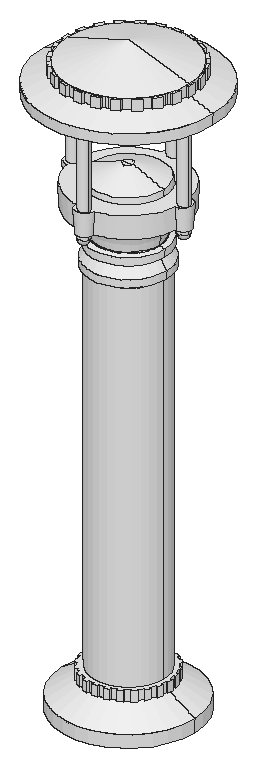
Revit family "BNB4", category Lighting Fixtures, Revit 2013
Parameters
  Wattage Comments = "21,31 & 41 Watts"  # constant formula
  Wattage = 12.1178 W
  built-in parameter 1150110 = 1 (stored number, unit not read)
  Voltage = 208 V
  URL = "http://www.kimlighting.com/"
  Type Comments = "Lighting Fixture"  # constant formula
  built-in parameter 1114217 = 1 (stored number, unit not read)
  Tilt Angle = 90.00°
  built-in parameter 1150109 = 1 (stored number, unit not read)
  built-in parameter 1150134 = (empty or 0)
  built-in parameter 1150113 = 1 (stored number, unit not read)
  Series = "Bounce Bollard Luminaire"  # constant formula
  Revision Date = "10/17/2017"  # constant formula
  Product Page URL = "http://www.kimlighting.com/products/bounce_bollard"
  Product Documentation Link = "http://www.kimlighting.com/content/products/psg/psg_files/kim_bnb_leled_psg.pdf"
  Power Factor = 1
  Photometric Web Link = "http://www.kimlighting.com/products/bounce_bollard"
  Photometric Web File = "bnb-18l3k.ies"
  Photometric Notes = "More IES files download on Photometric Web Link"  # constant formula
  Number of Poles = 1
  Note Visible = yes
  Note Text = "LF"  # constant formula
  Model = "Bounce Bollard"  # constant formula
  MasterFormat Title = "Landscape Lighting, Site Lighting, Walkway Lighting"  # constant formula
  Manufacturer Phone = "626-968-5666"  # constant formula
  Manufacturer Fax = "626-369-2695"  # constant formula
  Manufacturer = "Kim Lighting"  # constant formula
  Lumens = 1800 lm
  built-in parameter 1150115 = 1 (stored number, unit not read)
  built-in parameter 1150105 = -856800 (stored number, unit not read)
  Load Classification = Lighting
  Lighting Source Height = 38"
  built-in parameter 1150137 = (empty or 0)
  built-in parameter 1150139 = (empty or 0)
  built-in parameter 1150112 = 1 (stored number, unit not read)
  built-in parameter 1150114 = 1 (stored number, unit not read)
  Lamp = "LED"  # constant formula
  Initial Lumens = 0 lm
  built-in parameter 1150132 = 2
  built-in parameter 1150102 = (empty or 0)
  built-in parameter 1150138 = (empty or 0)
  built-in parameter 1150107 = 3000 (stored number, unit not read)
  built-in parameter 1150106 = -8568 (stored number, unit not read)
  Housing Material = Metal-Kim Lighting-Aluminum Alloy
  Glass Material = Glass-Kim Lighting-Clear
  Full Load Current = 0 A
  Finish = "All colors shall be a Super TGIC thermoset polyester powder coat paint"
  Emit from Circle Diameter = 6"  # constant formula
  Emit Shape Visible in Rendering = no
  built-in parameter 1150104 = 13.8 (stored number, unit not read)
  Dimming Lamp Color Temperature Shift = <None>
  Description = "Low Level Luminaire"  # constant formula
  Color Filter = 16777215
  Body Material = Metal-Kim Lighting-Aluminum Alloy
  built-in parameter 1114218 = 1 (stored number, unit not read)
  built-in parameter 1150133 = 10 (stored number, unit not read)
  Assembly Code = "D5020200"
  Apparent Load = 0 VA
Reference planes (in)
  plane 1 "Light Source Axis (F/B)": y = 0
  plane 2 "Bottom": z = 0
  plane 3 "Light Source Axis (L/R)": x = 0
  plane 4 "Light Source Elevation": z = 38
  plane 5: z = 0.875
  plane 6: z = 2
  plane 7: z = 2.6875
  plane 8: z = 28
  plane 9: z = 28.125
  plane 10: x = -4.6875
  plane 11: x = -2.5
  plane 12: x = -2.875
  plane 13: z = 28.625
  plane 14: z = 29.3125
  plane 15: z = 29.375
  plane 16: z = 29.4375
  plane 17: z = 29.9375
  plane 18: z = 30.0625
  plane 19: z = 30.09871
  plane 20: z = 31.5
  plane 21: z = 33.6875
  plane 22: x = -2.74538
  plane 23: x = -2.60446
  plane 24: x = -2.25
  plane 25: x = -2.52887
  plane 26: z = 31.8125
  plane 27: z = 33.3125
  plane 28: x = 3.9375
  plane 29: x = -3.9375
  plane 30: z = 39
  plane 31: z = 38.875
  plane 32: z = 39.6875
  plane 33: z = 40.3125
  plane 34 "Top": z = 41
  plane 35 "Left": x = -6
  plane 36 "Right": x = 6
  plane 37: x = -4.3125
  plane 38: x = 4.3125
  plane 39: x = 0
  plane 40: x = 0
  plane 41: x = 0
  plane 42: y = 0
  plane 43: z = 38
Forms (in)
  Revolve 1, solid, material "Metal-Kim Lighting-Aluminum Alloy" <- "Housing Material", detail levels medium+fine
    sketch origin (0, 0, 0) x (1, 0, 0) y (0, 0, 1)
      loop
        line (0, 2) -> (-2.875, 2) -> (-4.6875, 0.875) -> (-4.6875, 0) -> (0, 0) -> (0, 2)
      axis (0, 2) -> (0, 0)
    angle from 0 to 360
  Revolve 2, solid, material "Metal-Kim Lighting-Aluminum Alloy" <- "Housing Material"
    sketch origin (0, 0, 0) x (1, 0, 0) y (0, 0, 1)
      loop
        line (0, 2) -> (0, 28) -> (-2.5, 28) -> (-2.5, 2) -> (0, 2)
      axis (0, 28) -> (0, 2)
    angle from 0 to 360
  Revolve 3, solid, material "Metal-Kim Lighting-Aluminum Alloy" <- "Housing Material", detail levels medium+fine
    sketch origin (0, 0, 0) x (1, 0, 0) y (0, 0, 1)
      loop
        line (0, 28) -> (0, 34.5) -> (-0.36866, 34.5) -> (-2.5065, 33.6875) -> (-2.74538, 31.5)
        spline (-2.74538, 31.5) -> (-2.67334, 31.38174) -> (-2.60645, 31.26375) -> (-2.54473, 31.14603) -> (-2.48817, 31.02858) -> (-2.43677, 30.9114) -> (-2.39053, 30.79449) -> (-2.34945, 30.67785) -> (-2.31353, 30.56148) -> (-2.28277, 30.44538) -> (-2.25717, 30.32955) -> (-2.23673, 30.214) -> (-2.22145, 30.09871)
        arc (-2.22145, 30.09871) -> (-2.21962, 30.08064) -> (-2.22046, 30.0625) r 0.12279
        arc (-2.22046, 30.0625) -> (-2.23114, 30.04347) -> (-2.25, 30.03248) r 0.04153
        line (-2.25, 30.03248) -> (-2.60446, 29.9375) -> (-2.60446, 29.4375) -> (-2.25, 29.375) -> (-2.25, 29.3125) -> (-2.74538, 28.625) -> (-2.74538, 28.125) -> (-2.52887, 28) -> (0, 28)
      axis (0, 34.5) -> (0, 28)
    angle from 0 to 360
  Blend 4, solid, material "Metal-Kim Lighting-Aluminum Alloy" <- "Housing Material", detail levels medium+fine
    base sketch origin (-6.79446, -180, 31.8125) x (-1, 0, 0) y (0, -1, 0)
      loop
        arc (-3.00111, -179.44346) -> (-4.08344, -177.28898) -> (-6.23792, -176.20665) r 3.83396
        arc (-6.23792, -176.20665) -> (-6.79446, -175.5625) -> (-7.351, -176.20665) r 0.5625
        arc (-7.351, -176.20665) -> (-9.50548, -177.28898) -> (-10.58781, -179.44346) r 3.83396
        arc (-10.58781, -179.44346) -> (-11.23196, -180) -> (-10.58781, -180.55654) r 0.5625
        arc (-10.58781, -180.55654) -> (-9.50548, -182.71102) -> (-7.351, -183.79335) r 3.83396
        arc (-7.351, -183.79335) -> (-6.79446, -184.4375) -> (-6.23792, -183.79335) r 0.5625
        arc (-6.23792, -183.79335) -> (-4.08344, -182.71102) -> (-3.00111, -180.55654) r 3.83396
        arc (-3.00111, -180.55654) -> (-2.35696, -180) -> (-3.00111, -179.44346) r 0.5625
    top sketch origin (-6.79446, -180, 31.8125) x (-1, 0, 0) y (0, -1, 0)
      loop
        arc (-2.96503, -179.34548) -> (-4.04682, -177.25348) -> (-6.13837, -176.17084) r 3.88496
        arc (-6.13837, -176.17084) -> (-6.79446, -175.5) -> (-7.45055, -176.17084) r 0.65625
        arc (-7.45055, -176.17084) -> (-9.5421, -177.25348) -> (-10.62389, -179.34548) r 3.88496
        arc (-10.62389, -179.34548) -> (-11.29446, -180.00184) -> (-10.62335, -180.65765) r 0.65625
        arc (-10.62335, -180.65765) -> (-9.54098, -182.74764) -> (-7.45055, -183.82916) r 3.88496
        arc (-7.45055, -183.82916) -> (-6.79446, -184.5) -> (-6.13837, -183.82916) r 0.65625
        arc (-6.13837, -183.82916) -> (-4.04794, -182.74764) -> (-2.96557, -180.65765) r 3.88496
        arc (-2.96557, -180.65765) -> (-2.29446, -180.00184) -> (-2.96503, -179.34548) r 0.65625
    from 0 to 1.5
  Revolve 5, solid, material "Metal-Kim Lighting-Aluminum Alloy" <- "Housing Material"
    sketch origin (0, 3.94456, 0) x (1, 0, 0) y (0, 0, 1)
      loop
        line (0, 38.875) -> (-0.51175, 38.875) -> (-0.51175, 38.25) -> (-0.375, 38.25) -> (-0.375, 31.5)
        spline (-0.375, 31.5) -> (-0.3724, 31.439) -> (-0.36458, 31.38341) -> (-0.35156, 31.33323) -> (-0.33333, 31.28846) -> (-0.3099, 31.2491) -> (-0.28125, 31.21514) -> (-0.2474, 31.1866) -> (-0.20833, 31.16346) -> (-0.16406, 31.14573) -> (-0.11458, 31.13341) -> (-0.0599, 31.1265) -> (0, 31.125)
        line (0, 31.125) -> (0, 38.875)
      axis (0, 31.125) -> (0, 38.875)
    angle from 0 to 360
  Extrusion 6, solid, material "Glass-Kim Lighting-Clear" <- "Glass Material", detail levels medium+fine
    sketch origin (-4.44925, -180, 38.875) x (0, -1, 0) y (-1, 0, 0)
      loop
        circle (-180, -4.44925) r 4.8125
    from 0 to -0.125
  Revolve 7, solid, material "Metal-Kim Lighting-Aluminum Alloy" <- "Housing Material", detail levels medium+fine
    sketch origin (0, 0, 12) x (1, 0, 0) y (0, 0, 1)
      loop
        line (-3.9375, 27) -> (-3.9375, 28.3125) -> (0, 28.3125) -> (0, 30.275) -> (-4.3125, 29) -> (-4.3125, 28.3125) -> (-6, 27.6875) -> (-6, 27) -> (-3.9375, 27)
      axis (0, 30.275) -> (0, 27)
    angle from 0 to 360
  Extrusion 8, solid, material "Metal-Kim Lighting-Aluminum Alloy" <- "Housing Material", detail levels fine
    sketch origin (0, 0, -2) x (1, 0, 0) y (0, 1, 0)
      loop
        line (-0.28912, 4.3028) -> (-0.83438, 4.23101) -> (-0.88554, 4.42196) -> (-1.44408, 4.2723) -> (-1.39292, 4.08135) -> (-1.90101, 3.87089) -> (-1.99986, 4.04209) -> (-2.50063, 3.75297) -> (-2.40178, 3.58177) -> (-2.8381, 3.24698) -> (-2.97788, 3.38676) -> (-3.38676, 2.97788) -> (-3.24698, 2.8381) -> (-3.58177, 2.40178) -> (-3.75297, 2.50063) -> (-4.04209, 1.99986) -> (-3.87089, 1.90101) -> (-4.08135, 1.39292) -> (-4.2723, 1.44408) -> (-4.42196, 0.88554) -> (-4.23101, 0.83438) -> (-4.3028, 0.28912) -> (-4.50048, 0.28912) -> (-4.50048, -0.28912) -> (-4.3028, -0.28912) -> (-4.23101, -0.83438) -> (-4.42196, -0.88554) -> (-4.2723, -1.44408) -> (-4.08135, -1.39292) -> (-3.87089, -1.90101) -> (-4.04209, -1.99986) -> (-3.75297, -2.50063) -> (-3.58177, -2.40178) -> (-3.24698, -2.8381) -> (-3.38676, -2.97788) -> (-2.97788, -3.38676) -> (-2.8381, -3.24698) -> (-2.40178, -3.58177) -> (-2.50063, -3.75297) -> (-1.99986, -4.04209) -> (-1.90101, -3.87089) -> (-1.39292, -4.08135) -> (-1.44408, -4.2723) -> (-0.88554, -4.42196) -> (-0.83438, -4.23101) -> (-0.28912, -4.3028) -> (-0.28912, -4.50048) -> (0.28912, -4.50048) -> (0.28912, -4.3028) -> (0.83438, -4.23101) -> (0.88554, -4.42196) -> (1.44408, -4.2723) -> (1.39292, -4.08135) -> (1.90101, -3.87089) -> (1.99986, -4.04209) -> (2.50063, -3.75297) -> (2.40178, -3.58177) -> (2.8381, -3.24698) -> (2.97788, -3.38676) -> (3.38676, -2.97788) -> (3.24698, -2.8381) -> (3.58177, -2.40178) -> (3.75297, -2.50063) -> (4.04209, -1.99986) -> (3.87089, -1.90101) -> (4.08135, -1.39292) -> (4.2723, -1.44408) -> (4.42196, -0.88554) -> (4.23585, -0.83567) -> (4.3028, -0.28912) -> (4.50048, -0.28912) -> (4.50048, 0.28912) -> (4.3028, 0.28912) -> (4.23101, 0.83438) -> (4.42196, 0.88554) -> (4.2723, 1.44408) -> (4.08135, 1.39292) -> (3.87089, 1.90101) -> (4.04209, 1.99986) -> (3.75297, 2.50063) -> (3.58177, 2.40178) -> (3.24698, 2.8381) -> (3.38676, 2.97788) -> (2.97788, 3.38676) -> (2.8381, 3.24698) -> (2.40178, 3.58177) -> (2.50063, 3.75297) -> (1.99986, 4.04209) -> (1.90101, 3.87089) -> (1.39292, 4.08135) -> (1.44408, 4.2723) -> (0.88554, 4.42196) -> (0.83438, 4.23101) -> (0.28912, 4.3028) -> (0.28912, 4.50048) -> (-0.28912, 4.50048) -> (-0.28912, 4.3028)
    from 42.3125 to 43
  Extrusion 9, solid, material "Metal-Kim Lighting-Aluminum Alloy" <- "Housing Material", detail levels fine
    sketch origin (0, 0, -30) x (1, 0, 0) y (0, 1, 0)
      loop
        line (-0.19079, 2.83943) -> (-0.55061, 2.79206) -> (-0.58437, 2.91807) -> (-0.95295, 2.81931) -> (-0.91919, 2.6933) -> (-1.25448, 2.55441) -> (-1.31971, 2.66739) -> (-1.65017, 2.4766) -> (-1.58495, 2.36362) -> (-1.87287, 2.14269) -> (-1.96511, 2.23494) -> (-2.23494, 1.96511) -> (-2.14269, 1.87287) -> (-2.36362, 1.58495) -> (-2.4766, 1.65017) -> (-2.66739, 1.31971) -> (-2.55441, 1.25448) -> (-2.6933, 0.91919) -> (-2.81931, 0.95295) -> (-2.91807, 0.58437) -> (-2.79206, 0.55061) -> (-2.83943, 0.19079) -> (-2.96988, 0.19079) -> (-2.96988, -0.19079) -> (-2.83943, -0.19079) -> (-2.79206, -0.55061) -> (-2.91807, -0.58437) -> (-2.81931, -0.95295) -> (-2.6933, -0.91919) -> (-2.55441, -1.25448) -> (-2.66739, -1.31971) -> (-2.4766, -1.65017) -> (-2.36362, -1.58495) -> (-2.14269, -1.87287) -> (-2.23494, -1.96511) -> (-1.96511, -2.23494) -> (-1.87287, -2.14269) -> (-1.58495, -2.36362) -> (-1.65017, -2.4766) -> (-1.31971, -2.66739) -> (-1.25448, -2.55441) -> (-0.91919, -2.6933) -> (-0.95295, -2.81931) -> (-0.58437, -2.91807) -> (-0.55061, -2.79206) -> (-0.19079, -2.83943) -> (-0.19079, -2.96988) -> (0.19079, -2.96988) -> (0.19079, -2.83943) -> (0.55061, -2.79206) -> (0.58437, -2.91807) -> (0.95295, -2.81931) -> (0.91919, -2.6933) -> (1.25448, -2.55441) -> (1.31971, -2.66739) -> (1.65017, -2.4766) -> (1.58495, -2.36362) -> (1.87287, -2.14269) -> (1.96511, -2.23494) -> (2.23494, -1.96511) -> (2.14269, -1.87287) -> (2.36362, -1.58495) -> (2.4766, -1.65017) -> (2.66739, -1.31971) -> (2.55441, -1.25448) -> (2.6933, -0.91919) -> (2.81931, -0.95295) -> (2.91807, -0.58437) -> (2.79525, -0.55146) -> (2.83943, -0.19079) -> (2.96988, -0.19079) -> (2.96988, 0.19079) -> (2.83943, 0.19079) -> (2.79206, 0.55061) -> (2.91807, 0.58437) -> (2.81931, 0.95295) -> (2.6933, 0.91919) -> (2.55441, 1.25448) -> (2.66739, 1.31971) -> (2.4766, 1.65017) -> (2.36362, 1.58495) -> (2.14269, 1.87287) -> (2.23494, 1.96511) -> (1.96511, 2.23494) -> (1.87287, 2.14269) -> (1.58495, 2.36362) -> (1.65017, 2.4766) -> (1.31971, 2.66739) -> (1.25448, 2.55441) -> (0.91919, 2.6933) -> (0.95295, 2.81931) -> (0.58437, 2.91807) -> (0.55061, 2.79206) -> (0.19079, 2.83943) -> (0.19079, 2.96988) -> (-0.19079, 2.96988) -> (-0.19079, 2.83943)
    from 32 to 32.6875
  Extrusion 10, solid, material "Metal-Kim Lighting-Aluminum Alloy" <- "Housing Material", detail levels coarse
    sketch origin (0, 0, 0) x (1, 0, 0) y (0, 1, 0)
      loop
        circle (0, 0) r 6
    from 39 to 41
  Extrusion 11, solid, material "Metal-Kim Lighting-Aluminum Alloy" <- "Housing Material", detail levels coarse
    sketch origin (0, 0, 0) x (1, 0, 0) y (0, 1, 0)
      loop
        circle (0, 0) r 4.6875
    from 0 to 2
  Revolve 12, solid, material "Metal-Kim Lighting-Aluminum Alloy" <- "Housing Material"
    sketch origin (-3.9375, 0, 0) x (-1, 0, 0) y (0, 0, -1)
      loop
        line (0, -38.875) -> (0, -31.125)
        spline (0, -31.125) -> (-0.0599, -31.1265) -> (-0.11458, -31.13341) -> (-0.16406, -31.14573) -> (-0.20833, -31.16346) -> (-0.2474, -31.1866) -> (-0.28125, -31.21514) -> (-0.3099, -31.2491) -> (-0.33333, -31.28846) -> (-0.35156, -31.33323) -> (-0.36458, -31.38341) -> (-0.3724, -31.439) -> (-0.375, -31.5)
        line (-0.375, -31.5) -> (-0.375, -38.25) -> (-0.51175, -38.25) -> (-0.51175, -38.875) -> (0, -38.875)
      axis (0, -31.125) -> (0, -38.875)
    angle from 0 to 360
  Revolve 13, solid, material "Metal-Kim Lighting-Aluminum Alloy" <- "Housing Material"
    sketch origin (0, 3.94456, 0) x (-1, 0, 0) y (0, 0, -1)
      loop
        line (0, -38.875) -> (0, -31.125)
        spline (0, -31.125) -> (-0.0599, -31.1265) -> (-0.11458, -31.13341) -> (-0.16406, -31.14573) -> (-0.20833, -31.16346) -> (-0.2474, -31.1866) -> (-0.28125, -31.21514) -> (-0.3099, -31.2491) -> (-0.33333, -31.28846) -> (-0.35156, -31.33323) -> (-0.36458, -31.38341) -> (-0.3724, -31.439) -> (-0.375, -31.5)
        line (-0.375, -31.5) -> (-0.375, -38.25) -> (-0.51175, -38.25) -> (-0.51175, -38.875) -> (0, -38.875)
      axis (0, -31.125) -> (0, -38.875)
    angle from 0 to 360
  Revolve 14, solid, material "Metal-Kim Lighting-Aluminum Alloy" <- "Housing Material"
    sketch origin (0, -3.94456, 0) x (-1, 0, 0) y (0, 0, 1)
      loop
        line (0, 38.875) -> (-0.51175, 38.875) -> (-0.51175, 38.25) -> (-0.375, 38.25) -> (-0.375, 31.5)
        spline (-0.375, 31.5) -> (-0.3724, 31.439) -> (-0.36458, 31.38341) -> (-0.35156, 31.33323) -> (-0.33333, 31.28846) -> (-0.3099, 31.2491) -> (-0.28125, 31.21514) -> (-0.2474, 31.1866) -> (-0.20833, 31.16346) -> (-0.16406, 31.14573) -> (-0.11458, 31.13341) -> (-0.0599, 31.1265) -> (0, 31.125)
        line (0, 31.125) -> (0, 38.875)
      axis (0, 38.875) -> (0, 31.125)
    angle from 0 to 360
  Revolve 15, solid, material "Metal-Kim Lighting-Aluminum Alloy" <- "Housing Material"
    sketch origin (3.9375, -0.00706, 0) x (-1, 0, 0) y (0, 0, 1)
      loop
        line (0, 38.875) -> (-0.51175, 38.875) -> (-0.51175, 38.25) -> (-0.375, 38.25) -> (-0.375, 31.5)
        spline (-0.375, 31.5) -> (-0.3724, 31.439) -> (-0.36458, 31.38341) -> (-0.35156, 31.33323) -> (-0.33333, 31.28846) -> (-0.3099, 31.2491) -> (-0.28125, 31.21514) -> (-0.2474, 31.1866) -> (-0.20833, 31.16346) -> (-0.16406, 31.14573) -> (-0.11458, 31.13341) -> (-0.0599, 31.1265) -> (0, 31.125)
        line (0, 31.125) -> (0, 38.875)
      axis (0, 38.875) -> (0, 31.125)
    angle from 0 to 360
  Revolve 16, solid, material "Metal-Kim Lighting-Aluminum Alloy" <- "Housing Material", detail levels coarse
    sketch origin (0, 0, 0) x (1, 0, 0) y (0, 0, 1)
      loop
        line (0, 33.3125) -> (-4.5, 33.3125) -> (-4.5, 31.5) -> (-2.5, 28) -> (0, 28) -> (0, 33.3125)
      axis (0, 33.3125) -> (0, 28)
    angle from 0 to 360
Lines and regions (in)
  symbolic lines
    curve 1: circle (0, 0, 0) r 6 normal (0, 0, 1)
    curve 11: line (0, 0, 42.25) -> (4.3125, 0, 41)
    curve 14: line (-4.3125, 0, 41) -> (0, 0, 42.25)
    curve 16: line (2.5, 0, 28) -> (2.5, 0, 2)
    curve 17: line (-2.5, 0, 28) -> (-2.5, 0, 2)
    curve 20: line (4.6875, 0, 0) -> (-4.6875, 0, 0)
    curve 37: line (4.5, 0, 33.3125) -> (-4.5, 0, 33.3125)
    curve 99: line (0, 0, 42.25) -> (0, 4.3125, 41)
    curve 103: line (0, -4.30363, 40.9982) -> (0, 0, 42.25)
    curve 108: line (0, 4.6875, 0) -> (0, -4.6875, 0)
    curve 111: line (0, 2.5, 28) -> (0, 2.5, 2)
    curve 112: line (0, -2.5, 28) -> (0, -2.5, 2)
  symbolic lines, detail levels coarse
    curve 2: line (-6, 0, 0) -> (6, 0, 0)
    curve 3: line (0, 6, 0) -> (0, -6, 0)
    curve 12: line (4.3125, 0, 41) -> (4.3125, 0, 33.3125)
    curve 13: line (-4.3125, 0, 33.3125) -> (-4.3125, 0, 41.05208)
    curve 15: line (4.3125, 0, 33.3125) -> (-4.3125, 0, 33.3125)
    curve 24: line (2.5, 0, 2) -> (4.6875, 0, 0)
    curve 25: line (-2.5, 0, 2) -> (-4.6875, 0, 0)
    curve 55: line (-4.3125, 0, 41) -> (-4.3125, 0, 33.3125)
    curve 82: line (2.5, 0, 28) -> (2.5, 0, 33.3125)
    curve 83: line (-2.5, 0, 28) -> (-2.5, 0, 33.3125)
    curve 97: line (4.3125, 0, 41) -> (-4.3125, 0, 33.3125)
    curve 98: line (-4.3125, 0, 41) -> (4.3125, 0, 33.3125)
    curve 100: line (0, 4.3125, 41) -> (0, 4.3125, 33.3125)
    curve 101: line (0, 4.3125, 33.3125) -> (0, -4.30363, 33.3125)
    curve 102: line (0, -4.30363, 33.3125) -> (0, -4.30363, 40.9982)
    curve 104: line (0, 2.5, 28) -> (0, 2.5, 33.3125)
    curve 105: line (0, -2.5, 28) -> (0, -2.5, 33.3125)
    curve 106: line (0, 2.5, 2) -> (0, 4.6875, 0)
    curve 107: line (0, -2.5, 2) -> (0, -4.6875, 0)
    curve 109: line (0, 4.3125, 41) -> (0, -4.30363, 33.3125)
    curve 110: line (0, -4.30363, 40.9982) -> (0, 4.3125, 33.3125)
  symbolic lines, detail levels medium+fine
    curve 4: circle (0, 0, 0) r 4.8125 normal (0, 0, 1)
    curve 5: circle (0, 0, 0) r 0.5 normal (0, 0, 1)
    curve 18: line (2.875, 0, 2) -> (4.6875, 0, 0.875)
    curve 19: line (4.6875, 0, 0.875) -> (4.6875, 0, 0)
    curve 21: line (-4.6875, 0, 0) -> (-4.6875, 0, 0.875)
    curve 22: line (-4.6875, 0, 0.875) -> (-2.83943, 0, 2)
    curve 23: line (2.875, 0, 2) -> (-2.83943, 0, 2)
    curve 26: line (2.5, 0, 28) -> (2.74538, 0, 28.125)
    curve 27: line (2.74538, 0, 28.125) -> (2.74538, 0, 28.625)
    curve 28: line (2.74538, 0, 28.625) -> (2.25, 0, 29.3125)
    curve 29: line (2.25, 0, 29.3125) -> (2.25, 0, 29.375)
    curve 30: line (2.25, 0, 29.375) -> (2.60446, 0, 29.4375)
    curve 31: line (2.60446, 0, 29.4375) -> (2.60446, 0, 29.9375)
    curve 32: line (2.60446, 0, 29.9375) -> (2.22046, 0, 30.0625)
    curve 33: line (2.22046, 0, 30.0625) -> (2.74538, 0, 31.5)
    curve 34: line (2.74538, 0, 31.5) -> (2.71804, 0, 31.8125)
    curve 35: line (-4.4375, 0, 31.8125) -> (4.4375, 0, 31.8125)
    curve 36: line (4.4375, 0, 31.8125) -> (4.5, 0, 33.3125)
    curve 38: line (-4.5, 0, 33.3125) -> (-4.4375, 0, 31.8125)
    curve 39: line (2.5065, 0, 33.6875) -> (0.375, 0, 34.49759)
    curve 40: line (4.44925, 0, 38.875) -> (4.44925, 0, 38.25)
    curve 41: line (4.44925, 0, 38.25) -> (3.42575, 0, 38.25)
    curve 42: line (3.42575, 0, 38.25) -> (3.42575, 0, 38.875)
    curve 43: line (4.3125, 0, 38.25) -> (4.3125, 0, 33.3125)
    curve 44: line (3.5625, 0, 38.25) -> (3.5625, 0, 33.3125)
    curve 45: line (0.375, 0, 38.25) -> (0.375, 0, 33.3125)
    curve 46: line (4.3125, 0, 40.3125) -> (6, 0, 39.6875)
    curve 47: line (6, 0, 39.6875) -> (6, 0, 39)
    curve 48: line (6, 0, 39) -> (-6, 0, 39)
    curve 49: line (0, 0, 39) -> (0, 0, 38.875)
    curve 50: line (0.51175, 0, 38.875) -> (0.51175, 0, 38.25)
    curve 51: line (0.51175, 0, 38.25) -> (0, 0, 38.25)
    curve 54: line (2.5065, 0, 33.6875) -> (2.74538, 0, 31.5)
    curve 56: line (-2.5, 0, 28) -> (-2.74538, 0, 28.125)
    curve 57: line (-2.74538, 0, 28.125) -> (-2.74538, 0, 28.625)
    curve 58: line (-2.74538, 0, 28.625) -> (-2.25, 0, 29.3125)
    curve 59: line (-2.25, 0, 29.3125) -> (-2.25, 0, 29.375)
    curve 60: line (-2.25, 0, 29.375) -> (-2.60446, 0, 29.4375)
    curve 61: line (-2.60446, 0, 29.4375) -> (-2.60446, 0, 29.9375)
    curve 62: line (-2.60446, 0, 29.9375) -> (-2.22046, 0, 30.0625)
    curve 63: line (-2.22046, 0, 30.0625) -> (-2.74538, 0, 31.5)
    curve 64: line (-2.74538, 0, 31.5) -> (-2.71804, 0, 31.8125)
    curve 65: line (-4.4375, 0, 31.8125) -> (-4.5, 0, 33.3125)
    curve 66: line (-2.5065, 0, 33.6875) -> (-0.375, 0, 34.49759)
    curve 67: line (-4.44925, 0, 38.875) -> (-4.44925, 0, 38.25)
    curve 68: line (-4.44925, 0, 38.25) -> (-3.42575, 0, 38.25)
    curve 69: line (-3.42575, 0, 38.25) -> (-3.42575, 0, 38.875)
    curve 70: line (-4.3125, 0, 38.25) -> (-4.3125, 0, 33.3125)
    curve 71: line (-3.5625, 0, 38.25) -> (-3.5625, 0, 33.3125)
    curve 72: line (-0.375, 0, 38.25) -> (-0.375, 0, 33.3125)
    curve 73: line (0, 0, 39) -> (0, 0, 38.875)
    curve 74: line (-0.51175, 0, 38.875) -> (-0.51175, 0, 38.25)
    curve 75: line (-0.51175, 0, 38.25) -> (0, 0, 38.25)
    curve 78: line (-2.5065, 0, 33.6875) -> (-2.74538, 0, 31.5)
    curve 80: line (-6, 0, 39.6875) -> (-6, 0, 39)
    curve 81: line (-4.3125, 0, 40.3125) -> (-6, 0, 39.6875)
    curve 84: line (4.3125, 0, 40.3125) -> (4.3125, 0, 41)
    curve 85: line (-4.3125, 0, 41) -> (-4.3125, 0, 40.3125)
    curve 88: line (2.22046, 0, 30.0625) -> (-2.22046, 0, 30.0625)
    curve 93: line (2.5, 0, 28) -> (-2.5, 0, 28)
    curve 113: line (0, 2.5065, 33.6875) -> (0, 2.74538, 31.5)
    curve 114: line (0, 2.74538, 31.5) -> (0, 2.22046, 30.0625)
    curve 115: line (0, 2.22046, 30.0625) -> (0, 2.60446, 29.9375)
    curve 116: line (0, 2.60446, 29.9375) -> (0, 2.60446, 29.4375)
    curve 117: line (0, 2.60446, 29.4375) -> (0, 2.24143, 29.3125)
    curve 118: line (0, 2.24143, 29.3125) -> (0, 2.74538, 28.625)
    curve 119: line (0, 2.74538, 28.625) -> (0, 2.74538, 28.125)
    curve 120: line (0, 2.74538, 28.125) -> (0, 2.5, 28)
    curve 121: line (0, -2.5, 28) -> (0, -2.625, 28.125)
    curve 122: line (0, -2.52887, 28) -> (0, -2.74538, 28.125)
    curve 123: line (0, -2.74538, 28.125) -> (0, -2.74538, 28.625)
    curve 124: line (0, -2.74538, 28.625) -> (0, -2.24588, 29.3125)
    curve 125: line (0, -2.24588, 29.3125) -> (0, -2.24588, 29.375)
    curve 126: line (0, -2.24588, 29.375) -> (0, -2.60446, 29.4375)
    curve 127: line (0, -2.60446, 29.4375) -> (0, -2.60446, 29.9375)
    curve 128: line (0, -2.60446, 29.9375) -> (0, -2.21974, 30.0625)
    curve 129: line (0, -2.21974, 30.0625) -> (0, -2.74538, 31.5)
    curve 130: line (0, -2.74538, 31.5) -> (0, -2.5065, 33.6875)
    curve 131: line (0, -2.5065, 33.6875) -> (0, -0.375, 34.49759)
    curve 132: line (0, 2.5065, 33.6875) -> (0, 0.37619, 34.49714)
    curve 133: line (0, 4.5, 33.3125) -> (0, -4.5, 33.3125)
    curve 134: line (0, 4.5, 33.3125) -> (0, 4.4375, 31.8125)
    curve 135: line (0, 4.4375, 31.8125) -> (0, -4.4375, 31.8125)
    curve 136: line (0, -4.5, 33.3125) -> (0, -4.4375, 31.8125)
    curve 137: line (0, 0.37619, 33.3125) -> (0, 0.37619, 38.25)
    curve 138: line (0, 0.51175, 38.875) -> (0, 0.51175, 38.25)
    curve 139: line (0, -0.51175, 38.25) -> (0, -0.51175, 38.875)
    curve 140: line (0, -0.375, 38.25) -> (0, -0.375, 33.3125)
    curve 141: line (0, 4.45631, 38.875) -> (0, 4.45631, 38.25)
    curve 142: line (0, 3.43281, 38.25) -> (0, 3.43281, 38.875)
    curve 143: line (0, 3.56956, 38.25) -> (0, 3.56956, 33.3125)
    curve 144: line (0, 4.3125, 33.3125) -> (0, 4.3125, 38.25)
    curve 145: line (0, -3.43281, 38.875) -> (0, -3.43281, 38.25)
    curve 146: line (0, -4.45631, 38.25) -> (0, -4.45631, 38.875)
    curve 147: line (0, -3.56956, 38.25) -> (0, -3.56956, 33.3125)
    curve 148: line (0, -4.30363, 38.25) -> (0, -4.30363, 33.3125)
    curve 149: line (0, 2.22046, 30.0625) -> (0, -2.21974, 30.0625)
    curve 151: line (0, 2.74538, 28.125) -> (0, -2.74538, 28.125)
    curve 152: line (0, 2.5, 28) -> (0, -2.5, 28)
    curve 153: line (0, 4.3125, 40.3125) -> (0, 6.00138, 39.6875)
    curve 154: line (0, 6.00138, 39.6875) -> (0, 6.00138, 39)
    curve 155: line (0, 6.00138, 39) -> (0, -6, 39)
    curve 156: line (0, -6, 39) -> (0, -6, 39.6875)
    curve 157: line (0, -6, 39.6875) -> (0, -4.30363, 40.3125)
    curve 161: line (0, -3.43281, 38.25) -> (0, -4.45631, 38.25)
    curve 162: line (0, 0.51175, 38.25) -> (0, -0.51175, 38.25)
    curve 163: line (0, 4.45631, 38.25) -> (0, 3.43281, 38.25)
    curve 164: line (0, 4.81765, 39) -> (0, 4.81765, 38.875)
    curve 165: line (0, 4.81765, 38.875) -> (0, -4.8125, 38.875)
    curve 166: line (0, -4.8125, 38.875) -> (0, -4.8125, 39)
    curve 167: line (0, 2.875, 2) -> (0, 4.6875, 0.875)
    curve 168: line (0, 4.6875, 0.875) -> (0, 4.6875, 0)
    curve 169: line (0, -2.875, 2) -> (0, -4.6875, 0.875)
    curve 170: line (0, -4.6875, 0.875) -> (0, -4.6875, 0)
    curve 171: line (0, 4.3125, 40.3125) -> (0, 4.3125, 41)
    curve 172: line (0, -4.30987, 41) -> (0, -4.30987, 40.31065)
    curve 173: line (0, -4.30987, 40.31065) -> (0, -5.99478, 39.68987)
    curve 174: line (0, 2.875, 2) -> (0, -2.875, 2)
  symbolic lines, detail levels fine
    curve 6: circle (0, 3.94456, 0) r 0.51175 normal (0, 0, 1)
    curve 7: circle (3.94456, 0, 0) r 0.51175 normal (0, 0, 1)
    curve 8: circle (-3.94456, 0, 0) r 0.51175 normal (0, 0, -1)
    curve 9: circle (0, -3.94456, 0) r 0.51175 normal (0, 0, -1)
    curve 10: circle (0, 0, 0) r 4.50976 normal (0, 0, 1)
    curve 52: line (4.3125, 0, 40.3125) -> (0, 0, 40.3125)
    curve 53: line (4.3125, 0, 41) -> (0, 0, 41)
    curve 76: line (-4.3125, 0, 40.3125) -> (0, 0, 40.3125)
    curve 77: line (-4.3125, 0, 41) -> (0, 0, 41)
    curve 79: line (6, 0, 39.6875) -> (-6, 0, 39.6875)
    curve 86: line (2.5065, 0, 33.6875) -> (-2.5065, 0, 33.6875)
    curve 87: line (2.74538, 0, 31.5) -> (-2.74538, 0, 31.5)
    curve 89: line (2.60446, 0, 29.9375) -> (-2.60446, 0, 29.9375)
    curve 90: line (2.60446, 0, 29.4375) -> (-2.60446, 0, 29.4375)
    curve 91: line (2.25, 0, 29.3125) -> (-2.25, 0, 29.3125)
    curve 92: line (2.74538, 0, 28.125) -> (-2.74538, 0, 28.125)
    curve 94: line (4.6875, 0, 0.875) -> (-4.6875, 0, 0.875)
    curve 95: line (2.5, 0, 2.6875) -> (-2.5, 0, 2.6875)
    curve 96: line (2.5, 0, 2) -> (-2.5, 0, 2)
    curve 150: line (0, 2.24143, 29.3125) -> (0, -2.25857, 29.3125)
    curve 158: line (0, 4.3125, 40.3125) -> (0, -4.30363, 40.3125)
    curve 159: line (0, 4.3125, 41) -> (0, -4.30987, 41)
    curve 160: line (0, 6.00138, 39.6875) -> (0, -6, 39.6875)
    curve 175: line (0, 2.5, 2.6875) -> (0, -2.5, 2.6875)
    curve 176: line (0, 4.6875, 0.875) -> (0, -4.6875, 0.875)
    curve 177: line (0, 2.5065, 33.6875) -> (0, -2.5065, 33.6875)
    curve 178: line (0, 2.74538, 31.5) -> (0, -2.74538, 31.5)
Dimensions and locks (in)
  plane 24 to plane 3 "Light Source Axis (L/R)" to plane 28 = 2 1/4" locked, 3 15/16" locked
  locked: plane 3 "Light Source Axis (L/R)" to plane 38 at 4.3125  (x2)
  locked: plane 11 to plane 3 "Light Source Axis (L/R)" at 2.5
  locked: plane 25 to plane 3 "Light Source Axis (L/R)" at 2.52887
  locked: plane 23 to plane 3 "Light Source Axis (L/R)" at 2.60446
  locked: plane 22 to plane 3 "Light Source Axis (L/R)" at 2.74538
  locked: plane 12 to plane 3 "Light Source Axis (L/R)" at 2.875
  locked: plane 29 to plane 3 "Light Source Axis (L/R)" at 3.9375
  locked: plane 37 to plane 3 "Light Source Axis (L/R)" at 4.3125
  locked: plane 10 to plane 3 "Light Source Axis (L/R)" at 4.6875
  plane 39 to plane 3 "Light Source Axis (L/R)" = 0"
  locked: plane 35 "Left" to plane 3 "Light Source Axis (L/R)" at 6
  locked: plane 3 "Light Source Axis (L/R)" to plane 36 "Right" at 6
  plane 3 "Light Source Axis (L/R)" to plane 40 = 0"
  locked: plane 3 "Light Source Axis (L/R)" to plane 28 at 3.9375
  locked: plane 34 "Top" to plane 43 at 3
  locked: plane 33 to plane 43 at 2.3125
  locked: plane 32 to plane 43 at 1.6875
  locked: plane 30 to plane 43 at 1
  locked: plane 31 to plane 43 at 0.875
  locked: plane 43 to plane 21 at 4.3125
  locked: plane 43 to plane 27 at 4.6875
  locked: plane 43 to plane 26 at 6.1875
  locked: plane 43 to plane 20 at 6.5
  locked: plane 43 to plane 19 at 7.90129
  locked: plane 43 to plane 16 at 8.5625
  locked: plane 43 to plane 15 at 8.625
  locked: plane 43 to plane 14 at 8.6875
  locked: plane 43 to plane 13 at 9.375
  locked: plane 43 to plane 9 at 9.875
  locked: plane 43 to plane 8 at 10
  locked: plane 7 to level at 2.6875
  locked: plane 6 to level at 2
  locked: plane 5 to level at 0.875
  "Lighting Source Height": plane 43 to plane 2 "Bottom"
  locked: plane 43 to plane 18 at 7.9375
  locked: plane 43 to plane 17 at 8.0625
  aligned and locked: plane 3 "Light Source Axis (L/R)" to imposter light
  aligned and locked: plane 1 "Light Source Axis (F/B)" to imposter light
  aligned and locked: plane 4 "Light Source Elevation" to imposter light
  aligned and locked: plane 8 to Revolve 2  (x2)
  aligned and locked: plane 8 to Revolve 3
  aligned and locked: plane 9 to Revolve 3  (x4)
  aligned and locked: plane 10 to Revolve 1
  aligned and locked: plane 11 to Revolve 2
  aligned and locked: Revolve 1 to plane 2 "Bottom"
  aligned and locked: plane 5 to Revolve 1
  aligned and locked: plane 6 to Revolve 1
  aligned and locked: plane 13 to Revolve 3  (x3)
  aligned and locked: plane 14 to Revolve 3
  aligned and locked: plane 15 to Revolve 3
  aligned and locked: plane 16 to Revolve 3
  aligned and locked: plane 19 to Revolve 3
  aligned and locked: plane 20 to Revolve 3
  aligned and locked: plane 21 to Revolve 3
  aligned and locked: plane 22 to Revolve 3
  aligned and locked: plane 23 to Revolve 3
  aligned and locked: plane 24 to Revolve 3
  aligned and locked: plane 25 to Revolve 3
  aligned and locked: Blend 4 to plane 27
  aligned and locked: plane 31 to Revolve 5
  aligned and locked: plane 30 to Extrusion 6
  aligned and locked: plane 31 to Extrusion 6
  aligned and locked: Revolve 7 to plane 32
  aligned and locked: plane 33 to Revolve 7
  aligned and locked: plane 34 "Top" to Revolve 7
  aligned and locked: plane 35 "Left" to Revolve 7
  aligned and locked: plane 36 "Right" to Revolve 7
  aligned and locked: plane 37 to Revolve 7
  aligned and locked: plane 38 to Revolve 7
  aligned and locked: plane 39 to Extrusion 6
  aligned and locked: plane 40 to Extrusion 6
  aligned and locked: Blend 4 to plane 26
  aligned and locked: Extrusion 8 to plane 34 "Top"
  aligned and locked: plane 33 to Extrusion 8
  aligned and locked: plane 6 to Extrusion 9
  aligned and locked: plane 7 to Extrusion 9
  aligned and locked: Extrusion 10 to plane 34 "Top"
  aligned and locked: Extrusion 10 to plane 30
  aligned and locked: Extrusion 11 to plane 2 "Bottom"
  aligned and locked: Extrusion 11 to plane 6
  aligned and locked: curve 6 to Revolve 5
  aligned and locked: plane 41 to nested 1
  aligned and locked: plane 4 "Light Source Elevation" to plane 43
  aligned and locked: plane 34 "Top" to Extrusion 8
  aligned and locked: plane 34 "Top" to curve 77
  aligned and locked: plane 27 to curve 97
  aligned and locked: plane 27 to curve 98
  aligned and locked: Revolve 3 to plane 13
  aligned and locked: curve 91 to plane 14
  aligned and locked: Revolve 3 to plane 15
  aligned and locked: curve 90 to plane 16
  aligned and locked: curve 89 to plane 17
  aligned and locked: Revolve 3 to plane 19
  aligned and locked: plane 18 to curve 88
  aligned and locked: curve 87 to plane 20
  aligned and locked: curve 35 to plane 26
  aligned and locked: plane 27 to Blend 4
  aligned and locked: plane 27 to curve 83
  aligned and locked: plane 27 to curve 82
  aligned and locked: plane 8 to curve 93
  aligned and locked: plane 14 to curve 91
  aligned and locked: plane 15 to curve 59
  aligned and locked: plane 16 to curve 90
  aligned and locked: plane 13 to curve 27
  aligned and locked: plane 8 to curve 26
  aligned and locked: plane 9 to curve 27
  aligned and locked: plane 41 to curve 11
  aligned and locked: curve 52 to plane 33
  aligned and locked: plane 37 to curve 85
  aligned and locked: curve 84 to plane 38
  aligned and locked: plane 33 to curve 85
  aligned and locked: plane 33 to curve 81
  aligned and locked: plane 34 "Top" to curve 53
  aligned and locked: plane 35 "Left" to curve 81
  aligned and locked: plane 32 to curve 80
  aligned and locked: plane 30 to curve 48
  aligned and locked: curve 47 to plane 36 "Right"
  aligned and locked: plane 33 to curve 46
  aligned and locked: plane 32 to curve 79
  aligned and locked: plane 30 to curve 49
  aligned and locked: Revolve 15 sketch curve to plane 28
  aligned and locked: curve 18 to Revolve 1
  aligned and locked: curve 24 to Revolve 1
  aligned and locked: plane 41 to Extrusion 10 sketch curve
  aligned and locked: plane 1 "Light Source Axis (F/B)" to Extrusion 10 sketch curve
  aligned and locked: Blend 4 to Revolve 16 sketch curve
  aligned and locked: Revolve 3 to Revolve 16 sketch curve
  aligned and locked: Revolve 16 sketch curve to plane 3 "Light Source Axis (L/R)"
  aligned and locked: plane 20 to Revolve 16 sketch curve
  aligned and locked: Revolve 16 sketch curve to curve 83
  aligned and locked: plane 8 to Revolve 16 sketch curve
  aligned and locked: Revolve 16 sketch curve to Revolve 16 sketch curve
Automatic sketch dimensions
  curve 156 to plane 30 = 0"
  curve 160 to plane 32 = 0"
  curve 166 to plane 31 = 0"
  curve 176 to plane 5 = 0"
  curve 108 to level = 0"
  curve 136 to plane 27 = 0"
  curve 135 to plane 26 = 0"
  curve 159 to plane 34 "Top" = 0"
  curve 102 to plane 27 = 0"
  curve 157 to plane 33 = 0"
  curve 158 to plane 33 = 0"
  curve 174 to plane 6 = 0"
  curve 151 to plane 9 = 0"
  curve 130 to plane 20 = 0"
  curve 123 to plane 13 = 0"
  curve 128 to plane 17 = 0"
  curve 127 to plane 16 = 0"
  curve 122 to plane 8 = 0"
  curve 131 to plane 21 = 0"
  curve 121 to plane 8 = 0"
  curve 107 to plane 6 = 0"
  curve 175 to plane 7 = 0"
  curve 150 to plane 14 = 0"
  curve 125 to plane 15 = 0"
  curve 125 to plane 14 = 0"
  curve 128 to plane 18 = 0"
  curve 103 to plane 1 "Light Source Axis (F/B)" = 0"
  curve 106 to plane 6 = 0"
  curve 117 to plane 16 = 0"
  curve 116 to plane 17 = 0"
  curve 118 to plane 13 = 0"
  curve 153 to plane 33 = 0"
  plane 1 "Light Source Axis (F/B)" to curve 140 = 3/8"
  curve 139 to curve 140 = 0.13675"
  plane 1 "Light Source Axis (F/B)" to curve 149 = 2.21974"
  curve 124 to curve 128 = 0.02614"
  curve 150 to curve 124 = 0.01269"
  curve 105 to curve 150 = 0.24143"
  curve 130 to curve 105 = 0.0065"
  curve 122 to curve 105 = 0.02887"
  curve 127 to curve 128 = 0.38471"
  curve 121 to curve 122 = 0.09613"
  curve 124 to curve 121 = 0.12038"
  curve 178 to curve 128 = 0.52564"
  curve 169 to curve 107 = 3/8"
  curve 161 to plane 4 "Light Source Elevation" = 1/4"
  curve 161 to curve 139 = 2.92106"
  curve 147 to curve 105 = 1.06956"
  curve 148 to curve 147 = 0.73407"
  curve 172 to curve 102 = 0.00624"
  curve 136 to curve 101 = 0.13387"
  curve 146 to curve 148 = 0.15267"
  curve 133 to curve 101 = 0.19637"
  curve 170 to curve 169 = 1 13/16"
  curve 165 to curve 146 = 0.35619"
  plane 32 to curve 173 = 0.00237"
  curve 173 to curve 166 = 1.18228"
  curve 157 to curve 173 = 0.00522"
  curve 137 to plane 1 "Light Source Axis (F/B)" = 0.37619"
  curve 138 to plane 1 "Light Source Axis (F/B)" = 0.51175"
  curve 149 to plane 1 "Light Source Axis (F/B)" = 2.22046"
  curve 114 to curve 150 = 0.02097"
  curve 106 to plane 1 "Light Source Axis (F/B)" = 2 1/2"
  curve 104 to curve 132 = 0.0065"
  curve 117 to curve 117 = 0.36303"
  curve 114 to curve 113 = 0.52492"
  curve 104 to curve 118 = 0.24538"
  curve 106 to curve 174 = 3/8"
  curve 163 to plane 4 "Light Source Elevation" = 1/4"
  curve 138 to curve 163 = 2.92106"
  curve 104 to curve 143 = 1.06956"
  curve 143 to curve 100 = 0.74294"
  curve 100 to curve 134 = 1/8"
  curve 144 to curve 141 = 0.14381"
  curve 100 to curve 133 = 3/16"
  curve 167 to curve 176 = 1 13/16"
  curve 141 to curve 164 = 0.36134"
  curve 164 to curve 154 = 1.18374"
  curve 132 to plane 21 = 0.80964"
  curve 132 to curve 131 = 0.00045"
  curve 140 to plane 4 "Light Source Elevation" = 1/4"
  plane 33 to curve 172 = 0.00185"
  plane 34 "Top" to curve 110 = 0.0018"
  curve 103 to plane 34 "Top" = 1 1/4"
  curve 1 to curve 4 = 0"  (x2)
  curve 1 to curve 5 = 0"  (x2)
  curve 1 to curve 10 = 0"  (x2)
  curve 4 to curve 5 = 0"  (x2)
  curve 4 to curve 10 = 0"  (x2)
  curve 5 to curve 10 = 0"  (x2)
  curve 2 to plane 1 "Light Source Axis (F/B)" = 0"
  curve 2 to plane 35 "Left" = 0"
  curve 8 to plane 1 "Light Source Axis (F/B)" = 0"
  curve 9 to plane 3 "Light Source Axis (L/R)" = 0"
  curve 3 to plane 3 "Light Source Axis (L/R)" = 0"
  curve 4 to plane 1 "Light Source Axis (F/B)" = 0"
  curve 4 to plane 3 "Light Source Axis (L/R)" = 0"
  curve 7 to plane 1 "Light Source Axis (F/B)" = 0"
  curve 8 to plane 29 = 0.00706"
  curve 7 to plane 28 = 0.00706"
  curve 3 to curve 9 = 2.05544"
  Revolve 1 sketch curve to plane 5 = 0"
  Revolve 1 sketch curve to plane 10 = 0"
  Revolve 1 sketch curve to plane 6 = 0"
  Revolve 1 sketch curve to plane 12 = 0"
  Revolve 1 sketch curve to plane 3 "Light Source Axis (L/R)" = 0"  (x2)
  Revolve 1 sketch curve to level = 0"
  Revolve 1 sketch curve to Revolve 1 sketch curve = 24"
  Revolve 1 sketch curve to plane 34 "Top" = 51.545"
  Revolve 2 sketch curve to plane 8 = 0"
  Revolve 2 sketch curve to plane 11 = 0"
  Revolve 2 sketch curve to plane 3 "Light Source Axis (L/R)" = 0"  (x2)
  Revolve 2 sketch curve to plane 6 = 0"
  Revolve 2 sketch curve to level = 24"
  Revolve 2 sketch curve to plane 34 "Top" = 53.545"
  Revolve 3 sketch curve to plane 13 = 0"
  Revolve 3 sketch curve to plane 22 = 0"  (x2)
  Revolve 3 sketch curve to plane 20 = 0"
  Revolve 3 sketch curve to plane 16 = 0"
  Revolve 3 sketch curve to plane 23 = 0"
  Revolve 3 sketch curve to plane 8 = 0"
  Revolve 3 sketch curve to plane 25 = 0"
  Revolve 3 sketch curve to plane 21 = 0"
  Revolve 3 sketch curve to plane 14 = 0"
  Revolve 3 sketch curve to plane 24 = 0"  (x2)
  Revolve 3 sketch curve to plane 19 = 0"
  Revolve 3 sketch curve to plane 18 = 0"
  Revolve 3 sketch curve to plane 3 "Light Source Axis (L/R)" = 0"  (x2)
  Revolve 3 sketch curve to plane 9 = 0"
  Revolve 3 sketch curve to plane 15 = 0"
  Revolve 3 sketch curve to plane 17 = 0"
  Revolve 3 sketch curve to plane 11 = 0.0065"
  Revolve 3 sketch curve to plane 18 = 0.01478"
  Revolve 3 sketch curve to plane 24 = 0.09236"
  Revolve 3 sketch curve to plane 24 = 0.01075"
  plane 24 to Revolve 3 sketch curve = 0.02855"
  Revolve 3 sketch curve to Revolve 3 sketch curve = 0.36866"
  Revolve 3 sketch curve to level = 26"
  plane 18 to Revolve 3 sketch curve = 0.03002"
  Revolve 3 sketch curve to plane 21 = 13/16"
  Revolve 3 sketch curve to plane 34 "Top" = 51.545"
  Blend 4 sketch curve to Blend 4 sketch curve = 0"  (x24)
  Blend 4 sketch curve to plane 1 "Light Source Axis (F/B)" = 0"  (x4)
  Blend 4 sketch curve to plane 3 "Light Source Axis (L/R)" = 0"  (x6)
  plane 3 "Light Source Axis (L/R)" to Blend 4 sketch curve = 0.55654"  (x2)
  plane 28 to Blend 4 sketch curve = 0.14415"  (x2)
  plane 28 to Blend 4 sketch curve = 1/16"
  Blend 4 sketch curve to plane 3 "Light Source Axis (L/R)" = 0.55654"  (x2)
  plane 29 to Blend 4 sketch curve = 0.14415"
  plane 29 to Blend 4 sketch curve = 1/16"
  Blend 4 sketch curve to plane 1 "Light Source Axis (F/B)" = 0.55654"
  Blend 4 sketch curve to Blend 4 sketch curve = 0.08165"  (x2)
  plane 3 "Light Source Axis (L/R)" to Blend 4 sketch curve = 0.65609"  (x2)
  plane 28 to Blend 4 sketch curve = 0.10861"
  plane 28 to Blend 4 sketch curve = 0.10807"
  Blend 4 sketch curve to plane 1 "Light Source Axis (F/B)" = 0.00157"  (x2)
  plane 28 to Blend 4 sketch curve = 3/32"
  Blend 4 sketch curve to plane 3 "Light Source Axis (L/R)" = 0.65609"  (x2)
  plane 29 to Blend 4 sketch curve = 0.10861"
  plane 29 to Blend 4 sketch curve = 0.10807"
  Blend 4 sketch curve to Blend 4 sketch curve = 0.65608"
  Blend 4 sketch curve to Blend 4 sketch curve = 0.01459"  (x2)
  Revolve 5 sketch curve to plane 31 = 0"
  Revolve 5 sketch curve to plane 20 = 0"
  Revolve 5 sketch curve to plane 3 "Light Source Axis (L/R)" = 0"  (x2)
  Revolve 5 sketch curve to plane 3 "Light Source Axis (L/R)" = 3/8"
  Revolve 5 sketch curve to Revolve 5 sketch curve = 0.51175"
  plane 20 to Revolve 5 sketch curve = 3/8"
  Revolve 5 sketch curve to level = 24"
  Revolve 5 sketch curve to plane 4 "Light Source Elevation" = 1/4"
  Revolve 5 sketch curve to plane 34 "Top" = 51.545"
  Extrusion 6 sketch curve to plane 1 "Light Source Axis (F/B)" = 0"
  Extrusion 6 sketch curve to plane 3 "Light Source Axis (L/R)" = 0"
  Revolve 7 sketch curve to plane 32 = 0"
  Revolve 7 sketch curve to plane 35 "Left" = 0"
  Revolve 7 sketch curve to plane 33 = 0"  (x2)
  Revolve 7 sketch curve to plane 37 = 0"
  Revolve 7 sketch curve to plane 29 = 0"
  Revolve 7 sketch curve to plane 3 "Light Source Axis (L/R)" = 0"  (x2)
  Revolve 7 sketch curve to plane 30 = 0"
  Revolve 7 sketch curve to plane 34 "Top" = 0"
  Revolve 7 sketch curve to level = 26"
  Revolve 7 sketch curve to plane 34 "Top" = 1.275"
  Revolve 7 sketch curve to Revolve 7 sketch curve = 50.27"
  Extrusion 8 sketch curve to plane 10 = 0.18702"
  plane 37 to Extrusion 8 sketch curve = 0.10946"  (x2)
  Extrusion 8 sketch curve to plane 37 = 0.0097"  (x2)
  Extrusion 8 sketch curve to plane 37 = 0.0402"  (x2)
  Extrusion 8 sketch curve to plane 37 = 0.08149"  (x2)
  Extrusion 8 sketch curve to plane 29 = 0.14385"  (x2)
  Extrusion 8 sketch curve to plane 29 = 0.10459"  (x2)
  plane 29 to Extrusion 8 sketch curve = 0.06661"  (x2)
  plane 29 to Extrusion 8 sketch curve = 0.18453"  (x2)
  Extrusion 8 sketch curve to Extrusion 8 sketch curve = 0.1712"  (x6)
  plane 12 to Extrusion 8 sketch curve = 0.51176"  (x2)
  Extrusion 8 sketch curve to Extrusion 8 sketch curve = 0.13978"  (x10)
  plane 12 to Extrusion 8 sketch curve = 0.10288"  (x2)
  Extrusion 8 sketch curve to plane 12 = 0.0369"  (x2)
  Extrusion 8 sketch curve to plane 11 = 0.00063"  (x2)
  plane 11 to Extrusion 8 sketch curve = 0.09822"  (x2)
  plane 24 to Extrusion 8 sketch curve = 0.25014"  (x2)
  Extrusion 8 sketch curve to Extrusion 8 sketch curve = 0.09884"  (x10)
  Extrusion 8 sketch curve to Extrusion 8 sketch curve = 0.55577"  (x4)
  Extrusion 8 sketch curve to Extrusion 8 sketch curve = 0.05116"  (x12)
  Extrusion 8 sketch curve to Extrusion 8 sketch curve = 0.55854"  (x4)
  Extrusion 8 sketch curve to plane 3 "Light Source Axis (L/R)" = 0.28912"  (x2)
  plane 3 "Light Source Axis (L/R)" to Extrusion 8 sketch curve = 0.28912"  (x2)
  Extrusion 8 sketch curve to Extrusion 8 sketch curve = 0.54526"  (x4)
  Extrusion 8 sketch curve to Extrusion 8 sketch curve = 0.5081"  (x4)
  Extrusion 8 sketch curve to Extrusion 8 sketch curve = 0.50077"  (x2)
  Extrusion 8 sketch curve to Extrusion 8 sketch curve = 0.43631"  (x4)
  Extrusion 8 sketch curve to Extrusion 8 sketch curve = 0.40888"  (x2)
  plane 28 to Extrusion 8 sketch curve = 0.35573"  (x2)
  plane 28 to Extrusion 8 sketch curve = 0.18453"  (x2)
  plane 28 to Extrusion 8 sketch curve = 0.06661"  (x2)
  Extrusion 8 sketch curve to plane 28 = 0.10459"  (x2)
  Extrusion 8 sketch curve to plane 28 = 0.14385"  (x2)
  plane 38 to Extrusion 8 sketch curve = 0.08149"
  plane 38 to Extrusion 8 sketch curve = 0.07665"
  plane 38 to Extrusion 8 sketch curve = 0.0402"  (x2)
  plane 38 to Extrusion 8 sketch curve = 0.0097"  (x2)
  Extrusion 8 sketch curve to plane 38 = 0.10946"  (x2)
  Extrusion 8 sketch curve to plane 38 = 0.18798"
  plane 1 "Light Source Axis (F/B)" to Extrusion 8 sketch curve = 4.50048"
  Extrusion 8 sketch curve to Extrusion 8 sketch curve = 0.07852"  (x2)
  Extrusion 8 sketch curve to Extrusion 8 sketch curve = 0.19769"  (x3)
  Extrusion 8 sketch curve to Extrusion 8 sketch curve = 0.14966"  (x4)
  Extrusion 8 sketch curve to Extrusion 8 sketch curve = 0.23021"  (x2)
  Extrusion 8 sketch curve to Extrusion 8 sketch curve = 0.36621"  (x2)
  Extrusion 8 sketch curve to Extrusion 8 sketch curve = 0.47725"  (x2)
  plane 1 "Light Source Axis (F/B)" to Extrusion 8 sketch curve = 0.28912"  (x2)
  Extrusion 8 sketch curve to plane 1 "Light Source Axis (F/B)" = 0.28912"  (x2)
  Extrusion 8 sketch curve to Extrusion 8 sketch curve = 0.33479"  (x2)
  Extrusion 8 sketch curve to Extrusion 8 sketch curve = 0.21046"  (x2)
  Extrusion 8 sketch curve to Extrusion 8 sketch curve = 0.07178"  (x2)
  plane 12 to Extrusion 9 sketch curve = 0.09488"
  plane 12 to Extrusion 9 sketch curve = 0.04307"  (x2)
  Extrusion 9 sketch curve to plane 12 = 0.03557"  (x2)
  Extrusion 9 sketch curve to plane 12 = 0.05569"  (x2)
  Extrusion 9 sketch curve to plane 22 = 0.04668"  (x2)
  plane 22 to Extrusion 9 sketch curve = 0.05208"  (x2)
  plane 23 to Extrusion 9 sketch curve = 0.06294"  (x2)
  Extrusion 9 sketch curve to plane 25 = 0.02554"  (x2)
  plane 11 to Extrusion 9 sketch curve = 0.0234"  (x2)
  Extrusion 9 sketch curve to plane 24 = 0.11362"  (x2)
  plane 24 to Extrusion 9 sketch curve = 0.01506"  (x2)
  plane 24 to Extrusion 9 sketch curve = 0.10731"  (x2)
  plane 24 to Extrusion 9 sketch curve = 0.28489"  (x2)
  Extrusion 9 sketch curve to Extrusion 9 sketch curve = 0.09224"  (x10)
  Extrusion 9 sketch curve to Extrusion 9 sketch curve = 0.31494"  (x2)
  Extrusion 9 sketch curve to Extrusion 9 sketch curve = 0.06523"  (x12)
  Extrusion 9 sketch curve to Extrusion 9 sketch curve = 0.33046"  (x4)
  Extrusion 9 sketch curve to Extrusion 9 sketch curve = 0.36676"  (x2)
  Extrusion 9 sketch curve to Extrusion 9 sketch curve = 0.03376"  (x10)
  Extrusion 9 sketch curve to Extrusion 9 sketch curve = 0.36858"  (x4)
  Extrusion 9 sketch curve to plane 3 "Light Source Axis (L/R)" = 0.19079"  (x2)
  plane 3 "Light Source Axis (L/R)" to Extrusion 9 sketch curve = 0.19079"  (x2)
  Extrusion 9 sketch curve to Extrusion 9 sketch curve = 0.35982"  (x3)
  Extrusion 9 sketch curve to Extrusion 9 sketch curve = 0.33529"  (x5)
  Extrusion 9 sketch curve to Extrusion 9 sketch curve = 0.28792"  (x6)
  Extrusion 9 sketch curve to Extrusion 9 sketch curve = 0.26982"  (x2)
  Extrusion 9 sketch curve to Extrusion 9 sketch curve = 0.22093"  (x6)
  Extrusion 9 sketch curve to Extrusion 9 sketch curve = 0.11298"  (x8)
  Extrusion 9 sketch curve to Extrusion 9 sketch curve = 0.19079"  (x2)
  Extrusion 9 sketch curve to Extrusion 9 sketch curve = 0.13888"  (x6)
  Extrusion 9 sketch curve to plane 1 "Light Source Axis (F/B)" = 0.55061"
  Extrusion 9 sketch curve to Extrusion 9 sketch curve = 0.09876"  (x5)
  plane 1 "Light Source Axis (F/B)" to Extrusion 9 sketch curve = 0.55146"
  Extrusion 9 sketch curve to Extrusion 9 sketch curve = 0.10195"
  Extrusion 9 sketch curve to Extrusion 9 sketch curve = 0.12601"  (x3)
  Extrusion 9 sketch curve to Extrusion 9 sketch curve = 0.04418"
  Extrusion 9 sketch curve to plane 1 "Light Source Axis (F/B)" = 0.19079"  (x2)
  Extrusion 9 sketch curve to Extrusion 9 sketch curve = 0.04737"  (x5)
  Extrusion 9 sketch curve to plane 1 "Light Source Axis (F/B)" = 0.58437"
  plane 1 "Light Source Axis (F/B)" to Extrusion 9 sketch curve = 0.58437"
  Extrusion 9 sketch curve to Extrusion 9 sketch curve = 0.12282"
  Extrusion 9 sketch curve to Extrusion 9 sketch curve = 0.13045"  (x3)
  plane 1 "Light Source Axis (F/B)" to Extrusion 9 sketch curve = 0.95295"
  Extrusion 9 sketch curve to Extrusion 9 sketch curve = 0.30153"
  plane 1 "Light Source Axis (F/B)" to Extrusion 9 sketch curve = 0.19079"  (x2)
  Extrusion 11 sketch curve to plane 1 "Light Source Axis (F/B)" = 0"
  Extrusion 11 sketch curve to plane 3 "Light Source Axis (L/R)" = 0"
  Revolve 12 sketch curve to plane 31 = 0"
  Revolve 12 sketch curve to plane 20 = 0"
  Revolve 12 sketch curve to plane 29 = 0"  (x2)
  plane 29 to Revolve 12 sketch curve = 3/8"
  plane 29 to Revolve 12 sketch curve = 0.51175"
  Revolve 12 sketch curve to plane 33 = 0.06833"
  Revolve 12 sketch curve to plane 4 "Light Source Elevation" = 1/4"
  plane 20 to Revolve 12 sketch curve = 3/8"
  Revolve 12 sketch curve to plane 19 = 0.48054"
  Revolve 13 sketch curve to plane 31 = 0"
  Revolve 13 sketch curve to plane 20 = 0"
  Revolve 13 sketch curve to plane 3 "Light Source Axis (L/R)" = 0"  (x2)
  plane 3 "Light Source Axis (L/R)" to Revolve 13 sketch curve = 3/8"
  plane 3 "Light Source Axis (L/R)" to Revolve 13 sketch curve = 0.51175"
  Revolve 13 sketch curve to plane 34 "Top" = 51.545"
  Revolve 13 sketch curve to plane 4 "Light Source Elevation" = 1/4"
  plane 20 to Revolve 13 sketch curve = 3/8"
  Revolve 13 sketch curve to level = 24"
  Revolve 14 sketch curve to plane 31 = 0"
  Revolve 14 sketch curve to plane 20 = 0"
  Revolve 14 sketch curve to plane 3 "Light Source Axis (L/R)" = 0"  (x2)
  plane 3 "Light Source Axis (L/R)" to Revolve 14 sketch curve = 3/8"
  plane 3 "Light Source Axis (L/R)" to Revolve 14 sketch curve = 0.51175"
  plane 20 to Revolve 14 sketch curve = 3/8"
  Revolve 14 sketch curve to level = 24"
  Revolve 14 sketch curve to plane 4 "Light Source Elevation" = 1/4"
  Revolve 14 sketch curve to plane 34 "Top" = 51.545"
  Revolve 15 sketch curve to plane 20 = 0"
  Revolve 15 sketch curve to plane 38 = 0"
  Revolve 15 sketch curve to plane 28 = 0"
  Revolve 15 sketch curve to plane 38 = 0.13675"
  plane 20 to Revolve 15 sketch curve = 3/8"
  Revolve 15 sketch curve to level = 24"
  Revolve 15 sketch curve to plane 4 "Light Source Elevation" = 1/4"
  Revolve 15 sketch curve to plane 34 "Top" = 51.545"
  Revolve 15 sketch curve to plane 31 = 0"
  Revolve 16 sketch curve to plane 8 = 0"
  Revolve 16 sketch curve to plane 27 = 0"
  Revolve 16 sketch curve to plane 10 = 3/16"
  curve 22 to plane 10 = 0"
  curve 67 to plane 31 = 0"
  curve 69 to plane 31 = 0"
  curve 23 to plane 6 = 0"
  curve 57 to plane 13 = 0"
  curve 57 to plane 22 = 0"
  curve 78 to plane 22 = 0"
  curve 62 to plane 23 = 0"
  curve 86 to plane 21 = 0"
  curve 56 to plane 11 = 0"
  curve 25 to plane 11 = 0"
  curve 96 to plane 6 = 0"
  curve 58 to plane 24 = 0"
  curve 74 to plane 31 = 0"
  curve 73 to plane 3 "Light Source Axis (L/R)" = 0"
  curve 53 to plane 3 "Light Source Axis (L/R)" = 0"
  curve 51 to plane 3 "Light Source Axis (L/R)" = 0"
  curve 49 to plane 3 "Light Source Axis (L/R)" = 0"
  curve 76 to plane 3 "Light Source Axis (L/R)" = 0"
  curve 50 to plane 31 = 0"
  curve 29 to plane 15 = 0"
  curve 95 to plane 7 = 0"
  curve 42 to plane 31 = 0"
  curve 40 to plane 31 = 0"
  curve 73 to plane 31 = 0"
  curve 49 to plane 31 = 0"
  curve 37 to plane 10 = 3/16"
  curve 68 to curve 70 = 0.13675"
  plane 37 to curve 38 = 1/8"
  plane 29 to curve 71 = 3/8"
  curve 71 to curve 68 = 0.13675"
  curve 23 to plane 12 = 0.03557"
  plane 22 to curve 64 = 7/256"
  curve 86 to plane 11 = 0.0065"
  plane 24 to curve 62 = 0.02954"
  curve 74 to plane 4 "Light Source Elevation" = 1/4"
  curve 74 to curve 51 = 0.51175"
  curve 72 to plane 3 "Light Source Axis (L/R)" = 3/8"
  plane 3 "Light Source Axis (L/R)" to curve 39 = 3/8"
  curve 45 to curve 51 = 0.13675"
  plane 28 to curve 32 = 1.71704"
  curve 32 to curve 28 = 0.02954"
  curve 28 to curve 26 = 1/4"
  curve 24 to curve 16 = 0"
  curve 82 to curve 54 = 0.0065"
  curve 29 to curve 30 = 0.35446"
  plane 28 to curve 34 = 1.21946"
  curve 34 to curve 34 = 7/256"
  curve 16 to curve 27 = 0.24538"
  curve 24 to curve 18 = 3/8"
  curve 42 to plane 4 "Light Source Elevation" = 1/4"
  plane 28 to curve 42 = 0.51175"
  plane 28 to curve 44 = 3/8"
  curve 35 to plane 38 = 1/8"
  curve 41 to plane 38 = 0.13675"
  curve 36 to plane 38 = 3/16"
  curve 18 to plane 38 = 3/8"
  curve 39 to plane 21 = 0.81009"
  curve 66 to curve 39 = 0"
  curve 68 to plane 4 "Light Source Elevation" = 1/4"
  curve 14 to curve 13 = 0.05208"
  curve 53 to curve 11 = 1 1/4"
  radius of curve 4 = 4 13/16"
  radius of curve 5 = 1/2"
  radius of curve 7 = 0.51175"
  radius of curve 8 = 0.51175"
  radius of curve 9 = 0.51175"
  radius of curve 10 = 4.50976"
  radius of Extrusion 6 sketch curve = 4 13/16"
  radius of Extrusion 10 sketch curve = 6"
  radius of Extrusion 11 sketch curve = 4 11/16"
Nested families (in)
  nested 1: "Notation" at (0, 7.23562, 0), visible <- "Note Visible", type "Notation"
Connectors (in)
  electrical at (0, 0, 0), driven by "Power Factor", driven by "Apparent Load", driven by "Voltage", driven by "Number of Poles", driven by "Wattage Comments", driven by "Load Classification"
    settings: on Revolve 1, index 1, voltage 208 V, apparent load 0 VA, apparent load phase1 0 VA, apparent load phase2 0 VA, apparent load phase3 0 VA, power factor 1, load classification "Lighting", number of poles 1, system type 30, power factor state 1, is connector primary yes, connector utility no, sub classification motor no, connector description "21,31 & 41 Watts"
Definition of nested family "Notation"
  Parameters (values of type "Notation")
    Notation = "LF"
  Reference planes (in)
    plane 1: y = 0
    plane 2: x = 0
  Text (in)
    label "Notation" at (0.02149, 0.07192, 0), shows "Notation"
